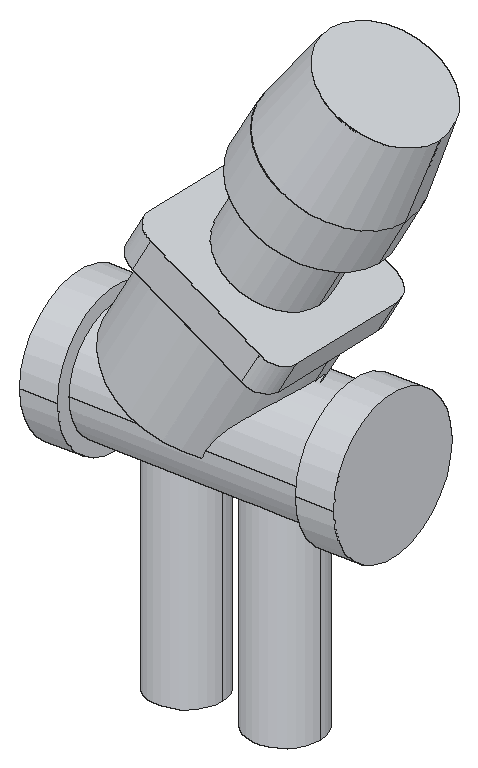
Revit family "OPTIMA_Compact_Plus_MM_DN20_5,0_RFA_2019", category Pipe Accessories, Revit 2019
Family settings
  Round Connector Dimension = Use Diameter
  Part Type = Valve - Breaks Into
  Work Plane-Based = No
  Always vertical = Yes
  Cut with Voids When Loaded = No
  Shared = No
Parameters (values of type "OPTIMA Compact Plus DN20 M-M 5.0mm")
  magiProductId = "af4b706c92c34122b2cf0a056ee45d"
  magiProductFamilyId = "3f7bf62c6d3e4202b9bf465282540d"
  magiPartTypeId = 304
  isMeasuringValve [instance] = no
  ang2D [instance] = 0.00°
  Z = 0 mm
  X = 10 mm
  W2D = 32 mm
  VersionID = "2.0/2018.8.28.1/FRESE_OPTIMA-COMPACT-MM_001"
  Use Minimum Symbol Size [instance] = yes
  URL = "www.hydronic.cz"
  Type Comments = "vnější závit; PN25; 0~120°C, s měřením"
  R9 = 8 mm
  R8 = 14 mm
  R7 = 17 mm
  R6 = 12 mm
  R5 = 5 mm
  R4 = 19 mm
  R3 = 19 mm
  R2 = 13.5 mm
  R1 = 16.5 mm
  QmdConnectorList = "301;D;302;D"
  Productdata [instance] = ""
  PLG0 = yes
  Manufacturer = "Hydronic Systems Prague s.r.o."
  MC Product Code = "53-1328  (1\" M-M; 5.0mm; Qmin-dpmin 220l/h-16.0kPa; Qmax-dpmin 1330l/h-21.6kPa; dpmax 800kPa)"
  MC Piping Given Pressure Drop [instance] = 0.0 Pa
  LL = 35 mm
  L3 = 11 mm
  L2D_Min = 3048 mm
  L2D = 104 mm
  L2 = 53.2 mm
  L1__ve = -L1  # -8.4 mm
  L1 = 8.4 mm
  H6__ve = -H6  # -58.5 mm
  H6 = 58.5 mm
  H5 = 20 mm
  H4 = 12 mm
  H3 = 18 mm
  H2 = 8 mm
  H1 = 26 mm
  Description = "Tlakově nezávislý 2-cestný regulační vyvažovací ventil (PICV)"
  D = 20 mm
  A = 30.00°
Types (8, lengths in mm): name | magiProductId | Z | X | R4 | R3 | R2 | R1 | MC Product Code | LL | L3 | L2 | L1__ve | L1 | H6__ve | H6 | H5 | H3 | H2 | H1 | D
  OPTIMA Compact Plus DN32 M-M 5.5mm | "ffa5e363716249e69711c5a01860df" | 1 | 13 | 29 | 31.5 | 22 | 24 | "53-1333  (6/4\" M-M; 5.5mm; Qmin-dpmin 550l/h-17.9kPa; Qmax-dpmin 4001l/h-28.0kPa; dpmax 800kPa)" | 52 | 12.5 | 79.04 | -12.48 | 12.48 | -66 | 66 | 20 | 16 | 10 | 46 | 32
  OPTIMA Compact Plus DN15 M-M 2.5mm | "744f5c1a8b784a0caf7e95e8856504" | 0 | 7 | 19 | 19 | 12 | 13 | "53-1324  (3/4\" M-M; 2.5mm; Qmin-dpmin 100l/h-14.9kPa; Qmax-dpmin 575l/h-18.5kPa; dpmax 800kPa)" | 32.5 | 11 | 49.4 | -7.8 | 7.8 | -55 | 55 | 20 | 18 | 8 | 26 | 15
  OPTIMA Compact Plus DN15 M-M 5.0mm | "cc68fe6008154c3392e26a3dfeb2d1" | 0 | 7 | 19 | 19 | 12 | 13 | "53-1325  (3/4\" M-M; 5.0mm; Qmin-dpmin 220l/h-16.0kPa; Qmax-dpmin 1330l/h-21.6kPa; dpmax 800kPa)" | 32.5 | 11 | 49.4 | -7.8 | 7.8 | -55 | 55 | 20 | 18 | 8 | 26 | 15
  OPTIMA Compact Plus DN20 M-M 5.0mm | "af4b706c92c34122b2cf0a056ee45d" | 0 | 10 | 19 | 19 | 13.5 | 16.5 | "53-1328  (1\" M-M; 5.0mm; Qmin-dpmin 220l/h-16.0kPa; Qmax-dpmin 1330l/h-21.6kPa; dpmax 800kPa)" | 35 | 11 | 53.2 | -8.4 | 8.4 | -58.5 | 58.5 | 20 | 18 | 8 | 26 | 20
  OPTIMA Compact Plus DN20 M-M 5.5mm | "3e0f5dc7d8ae4d97894bd6f679fd3a" | 0 | 10 | 19 | 19 | 13.5 | 16.5 | "53-1331  (1\" M-M; 5.5mm; Qmin-dpmin 300l/h-17.8kPa; Qmax-dpmin 1800l/h-40.0kPa; dpmax 800kPa)" | 35 | 11 | 53.2 | -8.4 | 8.4 | -58.5 | 58.5 | 20 | 18 | 8 | 26 | 20
  OPTIMA Compact Plus DN25 M-M 5.5mm | "30c02b6104a34c7a9c49bd2b7417bc" | 0 | 13 | 29 | 31.5 | 18.5 | 21 | "53-1332  (5/4\" M-M; 5.5mm; Qmin-dpmin 600l/h-17.3kPa; Qmax-dpmin 3609l/h-23.0kPa; dpmax 800kPa)" | 52 | 12.5 | 79.04 | -12.48 | 12.48 | -63 | 63 | 20 | 16 | 10 | 43 | 25
  OPTIMA Compact Plus DN10 M-M 2.5mm | "273b30465bdd4e038d4ed21de5046f" | 0 | 7 | 19 | 19 | 9 | 10.5 | "53-1320  (1/2\" M-M; 2.5mm; Qmin-dpmin 30l/h-14.3kPa; Qmax-dpmin 200l/h-15.8kPa; dpmax 800kPa)" | 32.5 | 11 | 49.4 | -7.8 | 7.8 | -52.5 | 52.5 | 17 | 18 | 8 | 30 | 10
  OPTIMA Compact Plus DN10 M-M 5.0mm | "05e83065d4b14c0ea9b5a56fcd5d4f" | 0 | 7 | 19 | 19 | 9 | 10.5 | "53-1329  (1/2\" M-M; 5.0mm; Qmin-dpmin 65l/h-14.6kPa; Qmax-dpmin 370l/h-17.2kPa; dpmax 800kPa)" | 32.5 | 11 | 49.4 | -7.8 | 7.8 | -52.5 | 52.5 | 17 | 18 | 8 | 30 | 10
Reference planes
  plane 1 "Center (Front/Back)": y = 0
  plane 2 "XYPLANE": z = 0
  plane 3 "Center (Left/Right)": x = 0
  plane 4 "267": x = 11
  plane 5 "266": x = -11
  plane 6 "252": through (-607.519, 0, 447.746) normal (0.5, 0, 0.866)
  plane 7 "250": through (-617.519, 0, 430.426) normal (0.5, 0, 0.866)
  plane 8 "248": through (-623.519, 0, 420.033) normal (0.5, 0, 0.866)
  plane 9 "245": through (-632.519, 0, 404.445) normal (0.5, 0, 0.866)
  plane 10 "241": through (349.885, 0, 664.019) normal (0.866, 0, -0.5)
  plane 11 "240": through (382.794, 0, 645.019) normal (0.866, 0, -0.5)
  plane 12 "239": y = -19
  plane 13 "238": y = 19
  plane 14 "237": through (-636.519, 0, 397.517) normal (0.5, 0, 0.866)
  plane 15 "235": through (-649.519, 0, 375) normal (0.5, 0, 0.866)
  plane 16 "231": y = 0
  plane 17 "230": through (366.34, 0, 654.519) normal (0.866, 0, -0.5)
  plane 18 "211": x = -26.6
  plane 19 "204": x = 35
  plane 20 "203": x = -35
  plane 21 "202": x = 0
  plane 22 "201": z = 0
  plane 23 "200": y = 0
  plane 24 "227XY": through (-649.519, 0, 375) normal (0.5, 0, 0.866)
  plane 25 "227XZ": y = 0
  plane 26 "227YZ": through (375, 0, 649.519) normal (0.866, 0, -0.5)
Forms (mm)
  Extrusion 1, solid, visible <- "PLG0"
    sketch origin (-750, 0, 0) x (1, 0, 0) y (0, 1, 0)
      loop
        circle (761, 0) r 8
    from 0 to -58.5 <- "H6__ve"
  Extrusion 2, solid, visible <- "PLG0"
    sketch origin (-750, 0, 0) x (1, 0, 0) y (0, 1, 0)
      loop
        circle (739, 0) r 8
    from 0 to -58.5 <- "H6__ve"
  Blend 3, solid
    base sketch origin (-617.519, 0, 430.426) x (0.866025, 0, -0.5) y (0, 1, 0)
      loop
        circle (740, 0) r 17
    top sketch origin (-617.519, 0, 430.426) x (0.866025, 0, -0.5) y (0, 1, 0)
      loop
        circle (740, 0) r 14
    from 0 to 20
  Extrusion 4, solid
    sketch origin (-623.519, 0, 420.033) x (0.866025, 0, -0.5) y (0, 1, 0)
      loop
        circle (740, 0) r 17
    from 0 to 12 <- "H4"
  Extrusion 5, solid
    sketch origin (-632.519, 0, 404.445) x (0.866025, 0, -0.5) y (0, 1, 0)
      loop
        circle (740, 0) r 12
    from 0 to 18 <- "H3"
  Extrusion 6, solid
    sketch origin (-636.519, 0, 397.517) x (0.866025, 0, -0.5) y (0, 1, 0)
      loop
        arc (726, 19) -> (722.464, 17.536) -> (721, 14) r 5
        line (721, 14) -> (721, -14)
        arc (721, -14) -> (722.464, -17.536) -> (726, -19) r 5
        line (726, -19) -> (754, -19)
        arc (754, -19) -> (757.536, -17.536) -> (759, -14) r 5
        line (759, -14) -> (759, 14)
        arc (759, 14) -> (757.536, 17.536) -> (754, 19) r 5
        line (754, 19) -> (726, 19)
    from 0 to 8 <- "H2"
  Extrusion 7, solid
    sketch origin (-649.519, 0, 375) x (0.866025, 0, -0.5) y (0, 1, 0)
      loop
        circle (740, 0) r 19
    from 0 to 26 <- "H1"
  Extrusion 8, solid
    sketch origin (-26.6, -750, 0) x (0, 1, 0) y (0, 0, 1)
      loop
        circle (750, 0) r 13.5
    from 0 to 53.2 <- "L2"
  Extrusion 9, solid
    sketch origin (35, -750, 0) x (0, 1, 0) y (0, 0, 1)
      loop
        circle (750, 0) r 16.5
    from 0 to -8.4 <- "L1__ve"
  Extrusion 10, solid
    sketch origin (-35, -750, 0) x (0, 1, 0) y (0, 0, 1)
      loop
        circle (750, 0) r 16.5
    from 0 to 8.4 <- "L1"
  Extrusion 11, solid, not visible
    sketch origin (35, -750, 0) x (0, 1, 0) y (0, 0, 1)
      loop
        circle (750, 0) r 10
    from 0 to -10
  Extrusion 12, solid, not visible
    sketch origin (-35, -750, 0) x (0, 1, 0) y (0, 0, 1)
      loop
        circle (750, 0) r 10
    from 0 to 10
Lines and regions (mm)
  reference lines, not visible
    curve 1: circle (2, 2, 0) r 1 normal (0, 0, 1)
Text (mm)
  text "© Progman Oy, all rights reserved" at (-472.209, -2482.653, 0), in view "Ref. Level"
Dimensions and locks
  plane 1 "Center (Front/Back)" to curve 1 = 2 mm
  "L3": plane 3 "Center (Left/Right)" to plane 4 "267"
  "L3": plane 3 "Center (Left/Right)" to plane 5 "266"
  "H5": plane 7 "250" to plane 6 "252"
  "H4": plane 8 "248" to plane 7 "250"
  "H3": plane 9 "245" to plane 8 "248"
  "H2": plane 14 "237" to plane 9 "245"
  "R4": plane 17 "230" to plane 10 "241"
  "R4": plane 17 "230" to plane 11 "240"
  "R4": plane 23 "200" to plane 12 "239"
  "R4": plane 23 "200" to plane 13 "238"
  "H1": plane 15 "235" to plane 14 "237"
  "Z": plane 24 "227XY" to plane 15 "235"
  locked: plane 23 "200" to plane 16 "231"
  "X": plane 26 "227YZ" to plane 17 "230"
  "L1": plane 20 "203" to plane 18 "211"
  "LL": plane 3 "Center (Left/Right)" to plane 19 "204"
  "LL": plane 3 "Center (Left/Right)" to plane 20 "203"
  locked: plane 3 "Center (Left/Right)" to plane 21 "202"
  locked: plane 2 "XYPLANE" to plane 22 "201"
  locked: plane 1 "Center (Front/Back)" to plane 23 "200"
  Extrusion 6 sketch curve to Extrusion 6 sketch curve = 0 mm  (x16)
  "R9": radius of Extrusion 1 sketch curve
  "R9": radius of Extrusion 2 sketch curve
  "R8": radius of Blend 3 sketch curve
  "R7": radius of Blend 3 sketch curve
  "R7": radius of Extrusion 4 sketch curve
  "R6": radius of Extrusion 5 sketch curve
  "R5": radius of Extrusion 6 sketch curve  (x4)
  "R3": radius of Extrusion 7 sketch curve
  "R2": radius of Extrusion 8 sketch curve
  "R1": radius of Extrusion 9 sketch curve
  "R1": radius of Extrusion 10 sketch curve
  aligned and locked: level to plane 2 "XYPLANE"
  aligned and locked: plane 4 "267" to Extrusion 1 sketch curve
  aligned and locked: plane 23 "200" to Extrusion 1 sketch curve
  aligned and locked: plane 5 "266" to Extrusion 2 sketch curve
  aligned and locked: plane 23 "200" to Extrusion 2 sketch curve
  aligned and locked: plane 16 "231" to Blend 3 sketch curve  (x2)
  aligned and locked: Blend 3 sketch curve to plane 17 "230"  (x2)
  aligned and locked: plane 6 "252" to Blend 3
  aligned and locked: plane 16 "231" to Extrusion 4 sketch curve
  aligned and locked: Extrusion 4 sketch curve to plane 17 "230"
  aligned and locked: plane 16 "231" to Extrusion 5 sketch curve
  aligned and locked: Extrusion 5 sketch curve to plane 17 "230"
  aligned and locked: Extrusion 6 sketch curve to plane 10 "241"
  aligned and locked: Extrusion 6 sketch curve to plane 12 "239"
  aligned and locked: Extrusion 6 sketch curve to plane 11 "240"
  aligned and locked: plane 13 "238" to Extrusion 6 sketch curve
  aligned and locked: plane 16 "231" to Extrusion 7 sketch curve
  aligned and locked: Extrusion 7 sketch curve to plane 17 "230"
  aligned and locked: plane 22 "201" to Extrusion 8 sketch curve
  aligned and locked: Extrusion 8 sketch curve to plane 23 "200"
  aligned and locked: plane 22 "201" to Extrusion 9 sketch curve
  aligned and locked: Extrusion 9 sketch curve to plane 23 "200"
  aligned and locked: plane 22 "201" to Extrusion 10 sketch curve
  aligned and locked: Extrusion 10 sketch curve to plane 23 "200"
  aligned and locked: plane 22 "201" to Extrusion 11 sketch curve
  aligned and locked: Extrusion 11 sketch curve to plane 23 "200"
  aligned and locked: plane 22 "201" to Extrusion 12 sketch curve
  aligned and locked: Extrusion 12 sketch curve to plane 23 "200"
Automatic sketch dimensions
  plane 1 "Center (Front/Back)" to Extrusion 11 sketch curve = 10 mm
  plane 1 "Center (Front/Back)" to Extrusion 12 sketch curve = 10 mm
  plane 3 "Center (Left/Right)" to curve 1 = 2 mm
  radius of curve 1 = 1 mm
Connectors
  piping at (-35, 0, 0), diameter 20, driven by "D"
    settings: on Extrusion 12, index 1, connector inside diameter 609.6 mm, connector length 0 mm, flow factor 0, pipe flow 0.0 L/s, pressure drop 0.0 Pa, fitting loss kfactor 0, connector angle 0.00°, fixture units 0, engagement length 0 mm, angle of deflection 0.00°, flow configuration 0, flow direction 0, fitting loss method 0, system type 29, joint type 0, gender type 0, connector reference index 2, connector utility 0, adjustable connector no, is connector primary yes, connector description ""
  piping at (35, 0, 0), diameter 20, driven by "D"
    settings: on Extrusion 11, index 2, connector inside diameter 609.6 mm, connector length 0 mm, flow factor 0, pipe flow 0.0 L/s, pressure drop 0.0 Pa, fitting loss kfactor 0, connector angle 0.00°, fixture units 0, engagement length 0 mm, angle of deflection 0.00°, flow configuration 0, flow direction 0, fitting loss method 0, system type 29, joint type 0, gender type 0, connector reference index 1, connector utility 0, adjustable connector no, is connector primary no, connector description ""
